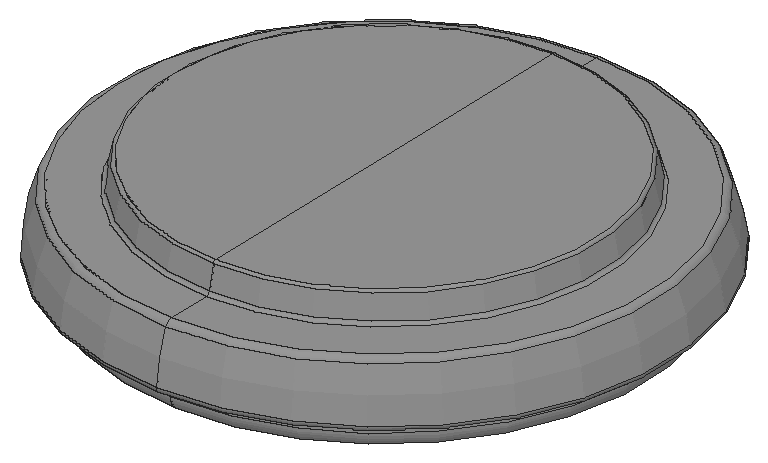
Revit family "FMK11_63_UN_Surface-mounted_ETK", category Lighting Fixtures, Revit 2017 (continued)
Definition of nested family "FMK.1 - Lightsource"
  Types (13, lengths in mm): name | Wattage Comments | Photometric Web File | built-in parameter 1150142 | Apparent Load
    FMK.1239.10 - Ø300x40 / 18W | "18W" | "FMK.1239.10.ies" | "IESNA:LM-63-2002\r\n[TEST] /2014\r\n[TESTLAB] ies2eulumdat.appspot.com\r\n[ISSUEDATE] 2021-06-16T09:02:18.810\r\n[MANUFAC] www.etk.nl\r\n[LUMCAT] FMK.1209.10\r\n[LUMINAIRE] FMK.1 LED 18W 3000/4000/5700K ø300 niet dimbaar\r\n[LAMPCAT] LED\r\n[LAMP] LED\r\nTILT=NONE\r\n1\t1710\t1\t46\t180\t1\t2\t-0.300\t-0.300\t0\r\n1.0\t1.0\t18.30\r\n0\t 2\t 4\t 6\t 8\t 10\t 12\t 14\t 16\t 18\r\n20\t 22\t 24\t 26\t 28\t 30\t 32\t 34\t 36\t 38\r\n40\t 42\t 44\t 46\t 48\t 50\t 52\t 54\t 56\t 58\r\n60\t 62\t 64\t 66\t 68\t 70\t 72\t 74\t 76\t 78\r\n80\t 82\t 84\t 86\t 88\t 90\r\n0\t 2\t 4\t 6\t 8\t 10\t 12\t 14\t 16\t 18\r\n20\t 22\t 24\t 26\t 28\t 30\t 32\t 34\t 36\t 38\r\n40\t 42\t 44\t 46\t 48\t 50\t 52\t 54\t 56\t 58\r\n60\t 62\t 64\t 66\t 68\t 70\t 72\t 74\t 76\t 78\r\n80\t 82\t 84\t 86\t 88\t 90\t 92\t 94\t 96\t 98\r\n100\t 102\t 104\t 106\t 108\t 110\t 112\t 114\t 116\t 118\r\n120\t 122\t 124\t 126\t 128\t 130\t 132\t 134\t 136\t 138\r\n140\t 142\t 144\t 146\t 148\t 150\t 152\t 154\t 156\t 158\r\n160\t 162\t 164\t 166\t 168\t 170\t 172\t 174\t 176\t 178\r\n180\t 182\t 184\t 186\t 188\t 190\t 192\t 194\t 196\t 198\r\n200\t 202\t 204\t 206\t 208\t 210\t 212\t 214\t 216\t 218\r\n220\t 222\t 224\t 226\t 228\t 230\t 232\t 234\t 236\t 238\r\n240\t 242\t 244\t 246\t 248\t 250\t 252\t 254\t 256\t 258\r\n260\t 262\t 264\t 266\t 268\t 270\t 272\t 274\t 276\t 278\r\n280\t 282\t 284\t 286\t 288\t 290\t 292\t 294\t 296\t 298\r\n300\t 302\t 304\t 306\t 308\t 310\t 312\t 314\t 316\t 318\r\n320\t 322\t 324\t 326\t 328\t 330\t 332\t 334\t 336\t 338\r\n340\t 342\t 344\t 346\t 348\t 350\t 352\t 354\t 356\t 358\r\n\r\n604.9325\t603.2919\t601.6514\t598.9367\t595.1481\t591.3474\t584.4074\t577.4673\t570.5271\t563.5989\r\n556.6589\t546.0716\t535.4844\t524.9091\t514.322\t503.7347\t489.8782\t476.0098\t462.1414\t448.2731\r\n434.4164\t417.5148\t400.6012\t383.6995\t366.7979\t349.8961\t330.7164\t311.5251\t292.3454\t273.1539\r\n253.9742\t234.7827\t215.6031\t196.4116\t177.2319\t158.0404\t0\t0\t0\t0\r\n0\t0\t0\t0\t0\t0\r\n604.9325\t603.303\t601.6736\t598.9672\t595.1776\t591.371\t584.4474\t577.518\t570.5942\t563.6772\r\n556.7804\t546.2089\t535.6382\t525.0562\t514.4711\t503.9096\t490.0793\t476.249\t462.4177\t448.5869\r\n434.7567\t417.8553\t400.9346\t384.014\t367.0954\t350.1887\t331.0138\t311.8383\t292.6629\t273.4839\r\n254.309\t235.1337\t215.9576\t196.7709\t177.5953\t158.8079\t0.4083\t0\t0\t0\r\n0\t0\t0\t0\t0\t0\r\n604.9325\t603.316\t601.6989\t599.0015\t595.1958\t591.3698\t584.4843\t577.5711\t570.6711\t563.7586\r\n556.8947\t546.3551\t535.7596\t525.1644\t514.5799\t504.0319\t490.2428\t476.4007\t462.5425\t448.6943\r\n434.9048\t418.0625\t401.1696\t384.2789\t367.3894\t350.5392\t331.4019\t312.225\t293.0468\t273.8823\r\n254.7052\t235.5402\t216.3663\t197.1991\t178.024\t160.3893\t1.6616\t0\t0\t0\r\n0\t0\t0\t0\t0\t0\r\n604.9325\t603.3306\t601.7275\t599.0433\t595.2312\t591.4156\t584.5657\t577.6625\t570.7544\t563.8431\r\n557.0019\t546.5201\t535.9272\t525.353\t514.7657\t504.264\t490.5226\t476.6557\t462.7667\t448.8924\r\n435.124\t418.3554\t401.4707\t384.5722\t367.6697\t350.8303\t331.7467\t312.5747\t293.4071\t274.2312\r\n255.0699\t235.9111\t216.7553\t197.6045\t178.4467\t162.6446\t3.8393\t0\t0\t0\r\n0\t0\t0\t0\t0\t0\r\n604.9325\t603.3467\t601.7784\t599.0852\t595.2744\t591.4839\t584.6789\t577.7818\t570.8609\t563.9373\r\n557.1543\t546.7354\t536.1372\t525.529\t514.8988\t504.4471\t490.789\t476.9063\t463.0292\t449.1418\r\n435.4474\t418.7539\t401.8361\t384.8952\t367.9622\t351.1523\t332.1531\t312.9933\t293.8363\t274.6741\r\n255.5041\t236.3482\t217.1967\t198.0491\t178.904\t165.4825\t7.0717\t0\t0\t0\r\n0\t0\t0\t0\t0\t0\r\n604.9325\t603.3646\t601.8109\t599.1301\t595.3254\t591.5822\t584.8149\t577.9154\t571.003\t564.0375\r\n557.2822\t546.9546\t536.3271\t525.6894\t515.0537\t504.6554\t491.1358\t477.2379\t463.3307\t449.4155\r\n435.7478\t419.1745\t402.2081\t385.2544\t368.2909\t351.5211\t332.6242\t313.4509\t294.2734\t275.1156\r\n255.9625\t236.8063\t217.6543\t198.5095\t179.3715\t168.6886\t11.5411\t0\t0\t0\r\n0\t0\t0\t0\t0\t0\r\n604.9325\t603.3841\t601.8434\t599.178\t595.3834\t591.6781\t584.976\t578.0752\t571.1133\t564.0963\r\n557.383\t547.1909\t536.5313\t525.8766\t515.2136\t504.8691\t491.4968\t477.5392\t463.5748\t449.6118\r\n435.9498\t419.5755\t402.6015\t385.6298\t368.6616\t351.9183\t333.1605\t313.9425\t294.7654\t275.5923\r\n256.4278\t237.2774\t218.1312\t198.9956\t179.8672\t172.0139\t17.4822\t0\t0\t0\r\n0\t0\t0\t0\t0\t0\r\n604.9325\t603.4053\t601.8759\t599.2285\t595.4497\t591.7812\t585.1731\t578.2085\t571.1927\t564.1664\r\n557.4629\t547.4497\t536.7769\t526.0887\t515.3685\t505.002\t491.8629\t477.8739\t463.8657\t449.8384\r\n436.2083\t420.1244\t403.1335\t386.0845\t369.0368\t352.2643\t333.7051\t314.4923\t295.2823\t276.0978\r\n256.9176\t237.7601\t218.6225\t199.4936\t180.379\t175.1597\t25.1927\t0\t0\t0\r\n0\t0\t0\t0\t0\t0\r\n604.9325\t603.4593\t601.9085\t599.2738\t595.5244\t591.9079\t585.3373\t578.316\t571.3136\t564.2514\r\n557.5412\t547.753\t537.0529\t526.317\t515.5469\t505.1567\t492.6884\t478.2212\t464.1752\t450.1642\r\n436.1336\t421.0943\t403.6156\t386.5209\t369.432\t352.3337\t334.5504\t315.0513\t295.836\t276.637\r\n257.4544\t238.29\t219.1493\t200.0199\t180.9108\t177.7292\t35.0259\t0\t0\t0\r\n0\t0\t0\t0\t0\t0\r\n604.9325\t603.4826\t601.941\t599.3319\t595.6075\t591.9952\t585.4602\t578.4838\t571.4702\t564.333\r\n557.6055\t548.1073\t537.3696\t526.5928\t515.7384\t504.8144\t493.0694\t478.6336\t464.5307\t450.3943\r\n436.2933\t421.64\t404.1436\t386.9492\t369.8193\t352.7072\t335.1677\t315.6771\t296.4365\t277.212\r\n258.007\t238.8258\t219.6743\t200.5397\t181.4425\t179.2574\t47.3991\t0\t0\t0\r\n0\t0\t0\t0\t0\t0\r\n604.9325\t603.5064\t601.9734\t599.3945\t595.7161\t592.0648\t585.6584\t578.7119\t571.6053\t564.412\r\n557.2136\t548.9435\t537.7363\t526.8513\t515.8959\t504.8997\t493.4258\t478.9823\t464.8596\t450.6873\r\n436.4267\t422.0138\t404.7199\t387.5204\t370.3217\t353.0976\t335.7436\t316.324\t297.0385\t277.7912\r\n258.567\t239.3682\t220.2087\t201.0815\t181.9832\t162.9148\t98.4026\t0\t0\t0\r\n0\t0\t0\t0\t0\t0\r\n604.9325\t603.5306\t602.0055\t599.4612\t595.8018\t592.0844\t585.9012\t578.9142\t571.7274\t564.5615\r\n557.281\t549.3317\t538.103\t527.1296\t516.0869\t504.9399\t493.7098\t479.4734\t465.2005\t450.9492\r\n436.7405\t422.5771\t405.4099\t388.0744\t370.7796\t353.4924\t336.2684\t316.9931\t297.6847\t278.4178\r\n259.1782\t239.9648\t220.7735\t201.6345\t182.5343\t163.481\t113.7595\t0\t0\t0\r\n0\t0\t0\t0\t0\t0\r\n604.9325\t603.5554\t602.0217\t599.532\t595.8866\t592.1561\t586.588\t579.0795\t571.9261\t564.708\r\n557.356\t549.6474\t538.4927\t527.425\t516.249\t505.0832\t494.0234\t479.9866\t465.7575\t451.3805\r\n437.0064\t422.8844\t406.0364\t388.6721\t371.3233\t353.9575\t336.8059\t317.7551\t298.3731\t279.0511\r\n259.7888\t240.5534\t221.3703\t202.2241\t183.1196\t164.0583\t128.3143\t0\t0\t0\r\n0\t0\t0\t0\t0\t0\r\n604.9325\t603.5809\t602.0558\t599.618\t595.9723\t592.2358\t586.8402\t579.3172\t572.1843\t564.8477\r\n557.415\t549.9086\t538.9015\t527.7199\t516.5471\t505.2607\t494.2777\t480.6872\t466.1976\t451.7399\r\n437.252\t422.7612\t407.2466\t389.4272\t371.966\t354.4582\t337.2243\t318.5243\t299.1108\t279.742\r\n260.4244\t241.1781\t221.9657\t202.8103\t183.7099\t164.6491\t141.3505\t0\t0\t0\r\n0\t0\t0\t0\t0\t0\r\n604.9325\t603.6071\t602.0912\t599.6912\t596.0451\t591.9798\t587.0148\t579.6483\t572.4109\t565.0026\r\n557.4889\t550.099\t539.3311\t528.166\t516.8776\t505.53\t494.0643\t481.5955\t466.7489\t452.2129\r\n437.6254\t423.0444\t408.0517\t390.1803\t372.5893\t355.0126\t337.4403\t319.5246\t299.8803\t280.4737\r\n261.1232\t241.8179\t222.5739\t203.4066\t184.3006\t165.2486\t152.0665\t0\t0\t0\r\n0\t0\t0\t0\t0\t0\r\n604.9325\t603.6338\t602.1279\t599.7642\t596.2915\t592.06\t587.2479\t579.9651\t572.6275\t565.1743\r\n557.5912\t550.1482\t539.9086\t528.6542\t517.2707\t505.7657\t494.0884\t482.1911\t467.4123\t452.7044\r\n438.0073\t423.2908\t408.632\t391.0308\t373.3713\t355.5458\t337.8389\t320.2515\t300.7003\t281.2121\r\n261.8325\t242.4922\t223.2123\t204.0069\t184.8961\t165.8551\t159.6039\t13.1538\t0\t0\r\n0\t0\t0\t0\t0\t0\r\n604.9325\t603.6611\t602.1659\t599.8376\t596.4054\t592.1391\t587.4977\t580.2805\t572.8868\t565.3787\r\n557.6678\t549.7361\t540.9527\t529.1771\t517.6731\t506.0008\t494.2758\t482.6381\t468.0299\t453.2316\r\n438.4194\t423.5879\t409.1603\t391.9077\t373.8445\t355.9972\t338.2732\t320.7969\t301.5855\t282.0214\r\n262.5566\t243.1786\t223.8823\t204.6641\t185.522\t166.4516\t162.8905\t31.8043\t0\t0\r\n0\t0\t0\t0\t0\t0\r\n604.9325\t603.6892\t602.2049\t599.908\t596.5241\t592.1992\t587.8004\t580.5758\t573.1764\t565.6227\r\n557.7326\t549.8042\t541.4288\t529.7323\t518.1144\t506.3438\t494.4987\t482.7908\t468.7329\t453.8508\r\n438.9175\t423.9507\t408.6493\t392.7359\t374.5174\t356.6496\t338.8317\t321.0335\t302.7194\t282.8805\r\n263.3626\t243.9028\t224.5481\t205.3141\t186.1662\t167.0952\t148.1118\t88.6377\t0\t0\r\n0\t0\t0\t0\t0\t0\r\n604.9325\t603.7179\t602.2449\t599.981\t596.652\t592.2995\t588.0109\t580.9296\t573.5102\t565.8506\r\n557.9219\t549.8881\t541.7121\t530.3743\t518.611\t506.7558\t494.6717\t482.47\t469.828\t454.5537\r\n439.4245\t424.0109\t408.6349\t393.3735\t375.3775\t357.3866\t339.435\t321.5173\t303.5607\t283.7689\r\n264.1651\t244.6733\t225.2874\t205.9828\t186.7886\t167.711\t148.7442\t112.1139\t0\t0\r\n0\t0\t0\t0\t0\t0\r\n604.9325\t603.7473\t602.2856\t600.0568\t596.7719\t592.4179\t588.1719\t581.3183\t573.9078\t566.0743\r\n558.1389\t549.9635\t541.9262\t531.0335\t519.2162\t507.1698\t494.9265\t482.6333\t470.329\t455.2483\r\n439.8147\t424.3822\t408.9232\t393.7403\t376.3501\t358.2294\t340.1252\t322.0395\t304.2025\t284.7408\r\n265.0668\t245.4539\t225.9736\t206.6463\t187.4435\t168.3603\t149.3849\t130.4101\t0\t0\r\n0\t0\t0\t0\t0\t0\r\n604.9325\t603.7776\t602.3343\t600.133\t596.8924\t592.5514\t588.2573\t582.1028\t574.2915\t566.3966\r\n558.3966\t550.0391\t541.4961\t532.1224\t519.854\t507.633\t495.3114\t482.8481\t470.4815\t456.3368\r\n440.5157\t424.9232\t409.2495\t393.6295\t377.6559\t359.1366\t340.8577\t322.656\t304.5206\t285.931\r\n265.9183\t246.2694\t226.7385\t207.3469\t188.0877\t168.9899\t150.0335\t142.1012\t0.9237\t0\r\n0\t0\t0\t0\t0\t0\r\n604.9325\t603.8087\t602.2411\t600.2093\t597.0138\t592.7089\t587.9814\t582.506\t574.6544\t566.7889\r\n558.6686\t550.1973\t541.4544\t532.5851\t520.5561\t508.2392\t495.7924\t483.0495\t470.1335\t457.1163\r\n441.3228\t425.5219\t409.7509\t393.9106\t378.232\t360.1469\t341.7391\t323.3504\t304.9773\t286.7673\r\n266.8982\t247.1147\t227.4881\t208.0586\t188.7792\t169.6606\t150.6879\t131.866\t21.4679\t0\r\n0\t0\t0\t0\t0\t0\r\n604.9325\t603.8407\t602.2844\t600.2854\t597.1426\t592.8591\t588.0729\t582.907\t575.0998\t567.2089\r\n558.9621\t550.3823\t541.4848\t532.7997\t521.7716\t508.9483\t496.2748\t483.3245\t470.3834\t457.4768\r\n442.2022\t426.336\t410.3521\t394.239\t378.1528\t361.5855\t342.6871\t324.0744\t305.6064\t287.3619\r\n267.8645\t248.0216\t228.3498\t208.8257\t189.4682\t170.3025\t151.3323\t132.5387\t80.029\t0\r\n0\t0\t0\t0\t0\t0\r\n604.9325\t603.8733\t602.3299\t600.3607\t597.2661\t593.1545\t588.1843\t583.2018\t575.6055\t567.6783\r\n559.3106\t550.6007\t541.5686\t532.3163\t522.4808\t509.7479\t496.8485\t483.8597\t470.6669\t457.2136\r\n443.4699\t427.2526\t410.9944\t394.713\t378.4457\t362.2796\t343.7493\t325.0072\t306.2591\t287.6577\r\n269.0839\t249.009\t229.1809\t209.5733\t190.2093\t170.9954\t151.9889\t133.1871\t107.1195\t0\r\n0\t0\t0\t0\t0\t0\r\n604.9325\t603.907\t602.3776\t600.435\t597.3875\t593.3208\t588.3223\t583.4193\t576.5313\t568.1743\r\n559.709\t550.8685\t541.7588\t532.2517\t522.878\t510.5737\t497.5582\t484.484\t471.0737\t457.3263\r\n443.9663\t428.2466\t411.8005\t395.3788\t378.7305\t362.2173\t345.2416\t325.9593\t307.1037\t288.3016\r\n269.7515\t250.003\t230.1332\t210.3898\t190.9169\t171.6613\t152.6389\t133.8373\t123.7799\t0\r\n0\t0\t0\t0\t0\t0\r\n604.9325\t603.9123\t602.428\t600.501\t597.5056\t593.4861\t588.4837\t583.5425\t577.0344\t568.7101\r\n560.1512\t551.1686\t541.9813\t532.3519\t522.4772\t511.7762\t498.5257\t485.22\t471.4735\t457.7046\r\n443.7031\t429.415\t412.8677\t396.0261\t379.2618\t362.4764\t345.8916\t327.1753\t308.035\t288.9915\r\n270.1463\t251.2322\t231.0663\t211.2373\t191.6472\t172.3408\t153.2921\t134.4874\t115.9236\t9.2138\r\n0\t0\t0\t0\t0\t0\r\n604.9325\t603.9481\t602.4812\t600.5742\t597.6202\t593.653\t588.668\t583.3077\t577.4581\t569.2983\r\n560.6533\t551.5767\t542.2042\t532.5113\t522.3616\t512.2177\t499.5876\t486.0776\t472.1462\t458.1519\r\n443.8695\t429.876\t414.2071\t396.917\t379.9187\t362.8675\t345.8321\t328.6051\t309.1102\t289.916\r\n270.7523\t251.9617\t232.0644\t212.1103\t192.4343\t173.0323\t153.9173\t135.1018\t116.562\t65.7955\r\n0\t0\t0\t0\t0\t0\r\n604.9325\t603.9852\t602.5371\t600.6467\t597.73\t593.8172\t588.8736\t583.4583\t577.7772\t570.2819\r\n561.2111\t552.1325\t542.5577\t532.7343\t522.3727\t511.8663\t500.9199\t486.9213\t472.9747\t458.7217\r\n444.2496\t429.5691\t414.7964\t398.0122\t380.7816\t363.4509\t346.0825\t328.8111\t310.4213\t290.8883\r\n271.5384\t252.3269\t233.2419\t213.0364\t193.2161\t173.736\t154.5864\t135.7567\t117.2044\t96.1475\r\n0\t0\t0\t0\t0\t0\r\n604.9325\t604.0236\t602.596\t600.7186\t597.8194\t593.9774\t589.2292\t583.6201\t577.9865\t570.7992\r\n561.8256\t552.71\t543.0652\t533.0169\t522.502\t511.8678\t501.241\t488.4687\t473.9436\t459.4936\r\n444.832\t429.7247\t414.7044\t399.4139\t381.8032\t364.1979\t346.6042\t329.0336\t311.6354\t292.1036\r\n272.4601\t253.0354\t233.7628\t214.0337\t194.1035\t174.5269\t155.255\t136.3516\t117.8305\t109.9048\r\n0\t0\t0\t0\t0\t0\r\n604.9325\t604.0637\t602.658\t600.789\t597.9215\t594.1325\t589.4529\t583.8272\t577.7627\t571.1951\r\n562.8118\t553.2917\t543.6239\t533.3822\t522.7915\t511.9619\t500.5541\t489.0998\t475.0948\t460.4654\r\n445.4767\t430.3017\t414.8994\t399.3696\t383.2919\t365.1943\t347.3191\t329.4129\t311.6006\t293.6303\r\n273.6308\t253.85\t234.3543\t215.1938\t195.0532\t175.2777\t155.9455\t136.9913\t118.4168\t100.2246\r\n10.9351\t0\t0\t0\t0\t0\r\n604.9325\t604.1049\t602.7234\t600.8579\t598.021\t594.2782\t589.6773\t584.0732\t577.9255\t571.4711\r\n563.458\t554.0039\t544.2463\t533.8777\t523.2306\t512.1995\t500.5102\t488.6583\t476.4436\t461.6248\r\n446.3237\t431.0595\t415.3954\t399.5376\t383.6965\t366.7259\t348.2364\t330.1152\t311.8732\t293.8363\r\n275.1387\t254.8952\t235.1611\t215.6652\t196.0554\t176.1444\t156.6456\t137.594\t119.0254\t100.8532\r\n68.8785\t0\t0\t0\t0\t0\r\n604.9325\t604.3797\t602.795\t600.7955\t598.1176\t594.4184\t589.9421\t584.4807\t578.1293\t571.2717\r\n564.0225\t555.1365\t544.9684\t534.4889\t523.7521\t512.5133\t500.6805\t488.5879\t476.1182\t463.0735\r\n447.6366\t431.9684\t416.1152\t399.9456\t383.6989\t367.3767\t349.5599\t330.9731\t312.5046\t294.0321\r\n275.9095\t256.218\t236.1048\t216.3684\t197.0093\t177.0397\t157.4158\t138.2701\t119.6169\t101.4035\r\n91.2126\t0\t0\t0\t0\t0\r\n604.9325\t604.4205\t602.8672\t600.8728\t598.211\t594.5549\t590.1569\t584.7672\t578.3807\t571.4627\r\n564.3113\t555.8405\t545.7988\t535.2615\t524.3877\t512.92\t501.0143\t488.7096\t476.0305\t462.7583\r\n449.2912\t433.217\t417.0958\t400.713\t384.1708\t367.2088\t350.6545\t332.2272\t313.392\t294.5441\r\n275.8683\t257.4578\t237.4149\t217.2362\t197.4869\t178.1427\t158.2694\t138.9226\t120.2106\t101.9885\r\n84.2445\t0\t0\t0\t0\t0\r\n604.9325\t604.4609\t602.9426\t600.9571\t598.301\t594.685\t590.3595\t585.0141\t578.795\t571.7158\r\n564.1432\t556.2603\t546.8908\t536.205\t525.1774\t513.5407\t501.5676\t489.0287\t476.1442\t462.6532\r\n448.9921\t434.8922\t418.416\t401.8982\t384.7929\t367.6136\t350.3325\t333.3151\t314.6323\t295.4577\r\n276.336\t257.5068\t238.7779\t218.4036\t198.3424\t178.728\t159.174\t139.7342\t120.8004\t102.4847\r\n84.7775\t45.5539\t0\t0\t0\t0\r\n604.9325\t604.5006\t603.0216\t601.0606\t598.3865\t594.8079\t590.54\t585.2417\t579.0807\t572.1467\r\n564.4011\t556.1409\t547.4037\t537.4374\t526.1369\t514.3405\t502.2658\t489.5783\t476.4823\t462.9105\r\n448.8591\t434.6232\t420.0685\t403.4046\t385.7751\t368.4205\t350.8718\t333.1656\t315.607\t296.8929\r\n277.2305\t257.8752\t238.7581\t219.918\t199.4756\t179.4703\t160.1376\t140.5119\t121.4449\t103.0157\r\n85.2703\t74.215\t0\t0\t0\t0\r\n604.9325\t604.5394\t603.1042\t601.1584\t598.3492\t594.9234\t590.7019\t585.451\t579.3531\t572.4943\r\n564.7651\t556.3877\t547.3688\t538.0224\t527.3866\t515.3535\t503.115\t490.3931\t476.9994\t463.303\r\n449.0547\t434.4994\t419.6921\t404.5604\t387.5106\t369.5539\t351.7313\t333.6797\t315.5431\t297.2741\r\n278.797\t258.7661\t239.2377\t219.9717\t200.9556\t180.5254\t160.6648\t141.5044\t122.1648\t103.5896\r\n85.7592\t68.6221\t0\t0\t0\t0\r\n604.9325\t604.5773\t603.1902\t601.2632\t598.4516\t595.0092\t590.8464\t585.643\t579.6101\t572.8202\r\n565.325\t556.7647\t547.6995\t538.0024\t527.9437\t516.6478\t504.4938\t491.4266\t477.8344\t463.9221\r\n449.6332\t434.78\t419.7115\t403.8594\t387.7921\t371.4508\t353.0947\t334.6903\t316.1395\t297.631\r\n278.8793\t260.2808\t240.1353\t220.3427\t201.0312\t181.9801\t161.6499\t142.0644\t123.0333\t104.2161\r\n86.2409\t69.0879\t15.2173\t0\t0\t0\r\n604.9325\t604.6141\t603.2798\t601.3757\t598.5679\t594.9853\t590.9493\t585.8192\t579.8489\t573.1198\r\n565.7109\t557.3403\t548.3007\t538.393\t527.9435\t517.2634\t505.3927\t492.933\t478.9816\t464.8927\r\n450.474\t435.4187\t420.1142\t403.9636\t387.6809\t371.1777\t354.5307\t336.6039\t317.3934\t298.4472\r\n279.3102\t260.28\t241.3379\t221.3309\t201.4226\t182.0109\t163.0786\t142.9823\t123.7395\t104.974\r\n86.81\t69.5539\t58.969\t0\t0\t0\r\n604.9325\t604.6498\t603.6043\t601.4957\t598.6984\t595.1135\t590.9331\t585.9739\t580.0893\t573.3916\r\n566.0512\t557.7504\t548.7954\t539.0648\t528.4009\t517.3472\t505.5605\t493.6743\t480.4541\t466.4352\r\n451.5987\t436.4298\t420.8587\t404.6187\t388.0855\t371.2381\t354.0167\t336.6193\t319.1551\t299.9255\r\n280.4523\t260.8892\t241.3921\t222.136\t202.5984\t182.4131\t163.0718\t144.3638\t124.5764\t105.7842\r\n87.4272\t70.0349\t53.7077\t0\t0\t0\r\n604.9325\t604.6844\t603.6946\t601.6237\t598.8432\t595.2649\t591.0743\t585.9936\t580.2878\t573.6051\r\n566.3212\t558.1173\t549.2219\t539.5715\t529.1248\t518.0448\t506.0844\t493.7649\t480.7344\t467.3507\r\n453.0676\t438.029\t422.0569\t405.7673\t388.9954\t371.8917\t354.386\t336.673\t318.7419\t300.4149\r\n282.1798\t262.3184\t242.4052\t222.5131\t202.8279\t183.5184\t163.5632\t144.2653\t1
